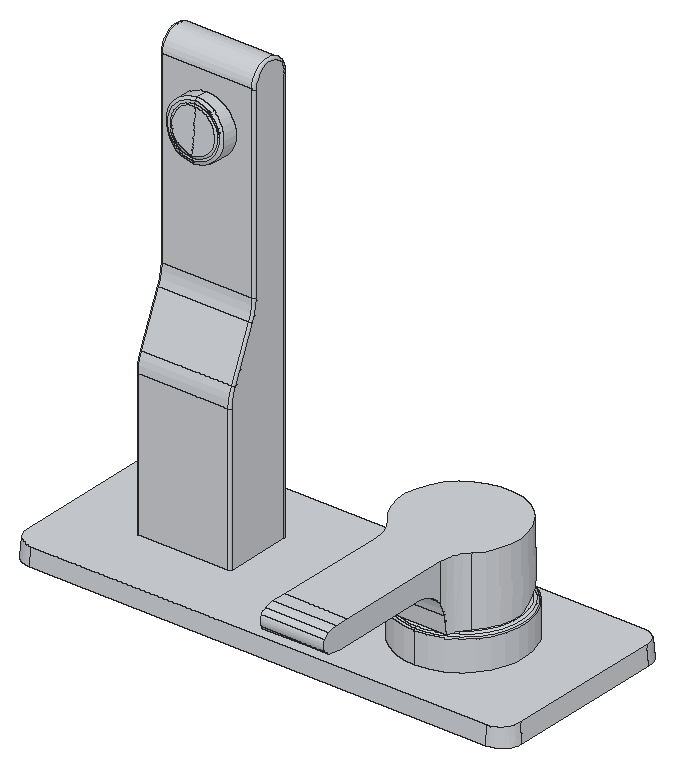
Revit family "Faucet-Lavatory-KOHLER-Singulier-K-5681AR_1", category Plumbing Fixtures, host Face, Revit 2017
Family settings
  Host = Face
  Round Connector Dimension = Use Diameter
  Part Type = Normal
  OmniClass Number = 23.31.11.00
  OmniClass Title = Faucets
  Cut with Voids When Loaded = No
  Shared = No
  Room Calculation Point = No
Parameters (values of type "CP- Polished Chrome")
  Width = 7 7/8"  # constant formula
  WaterSense Certified = 1 = 0  # no
  Waste Water Outlet = "Waste Water Outlet"  # constant formula
  Waste Connection = 1 = 0  # no
  Vent Connection = 1 = 0  # no
  URL = "https://la.kohler.com/es?country=MX"
  Type = 1
  Spout Reach = Length  # 6 7/32"
  Product Page URL = ""
  Product Name = "Singulier\r\n"  # constant formula
  Product Documentation Link = ""
  Pressure = 0.00 psi
  Model = if(Type = 1, "K-5681AR-4ND-CP", "NA")  # "K-5681AR-4ND-CP"
  Material = "Metal Construction"  # constant formula
  Master Format 2014 Name = "Residential Faucets, Supplies, and Trim"  # constant formula
  Master Format 2014 = "22 41 39"  # constant formula
  Manufacturer Address = "KOHLER Co. 444 Highland Dr. Kohler, WI 53044"  # constant formula
  Manufacturer = "KOHLER Co."  # constant formula
  Length = 6 7/32"  # constant formula
  Hot Water Inlet = "Hot Water Inlet"  # constant formula
  Height = 4 249/256"  # constant formula
  Handle Clearance = 3 51/128"  # constant formula
  HW Connection = 1 = 1  # yes
  Flow Rate = 0 GPM
  Finish = Kohler-Metal-CP-Polished_Chrome
  Environmental Product Declaration = ""
  Drain Included = 1 = 0  # no
  Description = "SC WM BASIN MIXER TRIM"  # constant formula
  Default Elevation = 36"
  Declare Label = ""
  Date Modified = "09/15/2020"  # constant formula
  Date Created = "09/15/2020"  # constant formula
  Copyright = "Copyright KOHLER Co."  # constant formula
  Contact Us = "https://la.kohler.com/es/contact-us-page"
  Cold Water Inlet = "Cold Water Inlet"  # constant formula
  CW Connection = 1 = 1  # yes
  Assembly Code = "D2010"
  ADA Compliant = 1 = 0  # no
Reference planes (in)
  plane 1 "Center (Front/Back)": y = 0
  plane 2: z = 0
  plane 3 "Center (Left/Right)": x = 0
  plane 4: x = 3.9375
  plane 5: x = -3.9375
  plane 6: x = -2
  plane 7: x = 2
  plane 8: y = 1.57422
  plane 9: y = -1.57422
  plane 10: z = 6.21875
  plane 11: through (0, -3.40346, 6.4231) normal (0, -0.0663, -0.9978)
  plane 12: z = 2.00184
  plane 13: y = -3.39844
Dimensions and locks (in)
  equal spacing: plane 5, plane 3 "Center (Left/Right)", plane 4
  "Width": plane 5 to plane 4
  equal spacing: plane 9, plane 1 "Center (Front/Back)", plane 8
  equal spacing: plane 6, plane 3 "Center (Left/Right)", plane 7
  locked: plane 6 to plane 7 at 4
  "Length": level to plane 10
  locked: plane 12 to level at 2.00184
  "Handle Clearance": plane 13 to plane 1 "Center (Front/Back)"
  "Height": plane 13 to plane 8
  plane 9 to plane 8 = 3 19/128"
  locked: plane 10 to plane 11 (angle 3.80°)
  aligned and locked: plane 2 to host face
  aligned and locked: level to host face
  aligned and locked: plane 1 "Center (Front/Back)" to nested 1
  aligned and locked: plane 3 "Center (Left/Right)" to nested 1
  aligned and locked: plane 4 to nested 1
  aligned and locked: plane 5 to nested 1
  aligned and locked: plane 6 to nested 1
  aligned and locked: plane 7 to nested 1
  aligned and locked: plane 8 to nested 1
  aligned and locked: plane 9 to nested 1
  aligned and locked: plane 10 to nested 1
  aligned and locked: plane 11 to nested 1
  aligned and locked: plane 12 to nested 1
  aligned and locked: plane 13 to nested 1
Automatic sketch dimensions
  host sketch curve to host sketch curve = 96"  (x2)
Nested families (in)
  nested 1: "K-5681AR" at (0, 0, -0.00172), type "K-5681AR"
Connectors (in)
  piping at (1.37157, 0, -0.00172), diameter 0.5, driven by "Flow Rate", driven by "HW Connection", driven by "Hot Water Inlet"
    settings: on nested 1, index 1, connector inside diameter 24", connector length 0", flow factor 0, pipe flow 0 GPM, pressure drop 0.00 psi, fitting loss kfactor 0, connector angle 0.00°, fixture units 0, engagement length 0", angle of deflection 0.00°, flow configuration 0, flow direction 1, fitting loss method 0, system type 19, joint type 0, gender type 0, connector reference index -1, connector utility 1, adjustable connector no, is connector primary yes, connector description "Hot Water Inlet"
  piping at (2.62843, 0, -0.00172), diameter 0.5, driven by "Flow Rate", driven by "CW Connection", driven by "Cold Water Inlet"
    settings: on nested 1, index 2, connector inside diameter 24", connector length 0", flow factor 0, pipe flow 0 GPM, pressure drop 0.00 psi, fitting loss kfactor 0, connector angle 0.00°, fixture units 0, engagement length 0", angle of deflection 0.00°, flow configuration 0, flow direction 1, fitting loss method 0, system type 20, joint type 0, gender type 0, connector reference index -1, connector utility 1, adjustable connector no, is connector primary no, connector description "Cold Water Inlet"
Definition of nested family "K-5681AR"
  Parameters (values of type "K-5681AR")
    Material = none
  Reference planes (in)
    plane 1 "Center (Front/Back)": y = 0
    plane 2: z = 0
    plane 3 "Center (Left/Right)": x = 0
    plane 4: x = -3.93701
    plane 5: x = 3.93701
    plane 6: y = 1.5748
    plane 7: y = -1.5748
    plane 8 "1": x = -2
    plane 9 "2": x = 2
    plane 10: z = 6.22047
    plane 11: through (0, -0.18836, 6.20955) normal (0, 0.0663, 0.9978)
    plane 12: y = -3.39966
    plane 13: z = 2.00184
  Forms (in)
    SweptBlend 1, solid, material <- "Material", detail levels medium+fine
      path origin (0, 0, 0) x (1, 0, 0) y (0, 0, 1)
        loop
          line (0, 0.35371) -> (0, 0)
      profile origin (0, 0, 0.35371) x (0, -1, 0) y (1, 0, 0)
        loop
          line (-1.55056, 3.61277) -> (-1.55056, -3.61277)
          arc (-1.55056, -3.61277) -> (-1.46422, -3.82121) -> (-1.25578, -3.90755) r 0.29478
          line (-1.25578, -3.90755) -> (1.25578, -3.90755)
          arc (1.25578, -3.90755) -> (1.46422, -3.82121) -> (1.55056, -3.61277) r 0.29478
          line (1.55056, -3.61277) -> (1.55056, 3.61277)
          arc (1.55056, 3.61277) -> (1.46422, 3.82121) -> (1.25578, 3.90755) r 0.29478
          line (1.25578, 3.90755) -> (-1.25578, 3.90755)
          arc (-1.25578, 3.90755) -> (-1.46422, 3.82121) -> (-1.55056, 3.61277) r 0.29478
      end profile origin (0, 0, 0) x (0, -1, 0) y (1, 0, 0)
        loop
          arc (-1.5748, -3.62205) -> (-1.48255, -3.84476) -> (-1.25984, -3.93701) r 0.31496
          line (-1.25984, -3.93701) -> (1.25984, -3.93701)
          arc (1.25984, -3.93701) -> (1.48255, -3.84476) -> (1.5748, -3.62205) r 0.31496
          line (1.5748, -3.62205) -> (1.5748, 3.62205)
          arc (1.5748, 3.62205) -> (1.48255, 3.84476) -> (1.25984, 3.93701) r 0.31496
          line (1.25984, 3.93701) -> (-1.25984, 3.93701)
          arc (-1.25984, 3.93701) -> (-1.48255, 3.84476) -> (-1.5748, 3.62205) r 0.31496
          line (-1.5748, 3.62205) -> (-1.5748, -3.62205)
    Extrusion 2, void
      sketch origin (0, 0, 0) x (0, 1, 0) y (0, 0, 1)
        loop
          line (1.60875, 0.27725) -> (1.60875, 0.37879) -> (-1.61789, 0.37879) -> (-1.61789, 0.27665)
          arc (-1.61789, 0.27665) -> (-0.00458, 0.32989) -> (1.60875, 0.27725) r 24.60613
      from -4.33071 to 4.33071
    Extrusion 3, solid, material <- "Material", detail levels medium+fine
      sketch origin (-2, 0, 0) x (0, 1, 0) y (0, 0, 1)
        loop
          line (0.55118, 0.29857) -> (0.55118, 6.94438)
          arc (0.55118, 6.94438) -> (0.23622, 7.25934) -> (-0.07874, 6.94438) r 0.31496
          line (-0.07874, 6.94438) -> (-0.07874, 3.98205)
          arc (-0.07874, 3.98205) -> (-0.09548, 3.8243) -> (-0.14495, 3.67358) r 0.7517
          line (-0.14495, 3.67358) -> (-0.48599, 2.91571)
          arc (-0.48599, 2.91571) -> (-0.5347, 2.7673) -> (-0.55118, 2.61198) r 0.74016
          line (-0.55118, 2.61198) -> (-0.55118, 0.29857) -> (0.55118, 0.29857)
      from -0.74803 to 0.74803
    Sweep 4, void
      path in 3D
        loop
          line (-2.74803, -0.55118, 0.29857) -> (-2.74803, -0.55118, 2.61198)
          arc (-2.74803, -0.55118, 2.61198) -> (-2.74803, -0.5347, 2.7673) -> (-2.74803, -0.48599, 2.91571) r 0.74016
          line (-2.74803, -0.48599, 2.91571) -> (-2.74803, -0.14495, 3.67358)
          arc (-2.74803, -0.14495, 3.67358) -> (-2.74803, -0.09548, 3.8243) -> (-2.74803, -0.07874, 3.98205) r 0.7517
          line (-2.74803, -0.07874, 3.98205) -> (-2.74803, -0.07874, 6.94438)
          arc (-2.74803, -0.07874, 6.94438) -> (-2.74803, 0.23622, 7.25934) -> (-2.74803, 0.55118, 6.94438) r 0.31496
          line (-2.74803, 0.55118, 6.94438) -> (-2.74803, 0.55118, 0.29857)
      profile origin (-2.74803, 0.55118, 3.62147) x (-1, 0, 0) y (0, -1, 0)
        loop
          arc (0, 0.03937) -> (-0.01153, 0.01153) -> (-0.03937, 0) r 0.03937
          line (-0.03937, 0) -> (0, 0) -> (0, 0.03937)
    Sweep 5, void
      path in 3D
        loop
          line (-1.25197, -0.55118, 0.29857) -> (-1.25197, -0.55118, 2.61198)
          arc (-1.25197, -0.55118, 2.61198) -> (-1.25197, -0.5347, 2.7673) -> (-1.25197, -0.48599, 2.91571) r 0.74016
          line (-1.25197, -0.48599, 2.91571) -> (-1.25197, -0.14495, 3.67358)
          arc (-1.25197, -0.14495, 3.67358) -> (-1.25197, -0.09548, 3.8243) -> (-1.25197, -0.07874, 3.98205) r 0.7517
          line (-1.25197, -0.07874, 3.98205) -> (-1.25197, -0.07874, 6.94438)
          arc (-1.25197, -0.07874, 6.94438) -> (-1.25197, 0.23622, 7.25934) -> (-1.25197, 0.55118, 6.94438) r 0.31496
          line (-1.25197, 0.55118, 6.94438) -> (-1.25197, 0.55118, 0.29857)
      profile origin (-1.25197, 0.55118, 3.62147) x (1, 0, 0) y (0, 1, 0)
        loop
          line (0, -0.03937) -> (0, 0) -> (-0.03937, 0)
          arc (-0.03937, 0) -> (-0.01153, -0.01153) -> (0, -0.03937) r 0.03937
    Revolve 6, solid, material <- "Material", detail levels medium+fine
      sketch origin (-2, 0, 0) x (0, 1, 0) y (0, 0, 1)
        loop
          line (-0.3528, 6.2205) -> (0.01231, 6.19622) -> (0.04266, 6.65324) -> (-0.28574, 6.67505) -> (-0.31571, 6.63029) -> (-0.31837, 6.59031)
          arc (-0.31837, 6.59031) -> (-0.32659, 6.57673) -> (-0.33014, 6.56126) r 0.05003
          line (-0.33014, 6.56126) -> (-0.3528, 6.2205)
        axis (-0.3528, 6.22047) -> (0.01231, 6.19622)
      angle from 0 to 360
    Revolve 7, solid, material <- "Material", detail levels medium+fine
      sketch origin (2, 0, 0) x (0, 1, 0) y (0, 0, 1)
        loop
          arc (0.96456, 0.79413) -> (0.95912, 0.80821) -> (0.94563, 0.81496) r 0.02093
          arc (0.94563, 0.81496) -> (0.93488, 0.82645) -> (0.92069, 0.83325) r 0.04264
          line (0.92069, 0.83325) -> (0.86598, 0.84791)
          arc (0.86598, 0.84791) -> (0.84043, 0.85986) -> (0.82055, 0.87987) r 0.08072
          arc (0.82055, 0.87987) -> (0.81039, 0.90006) -> (0.80623, 0.92227) r 0.08072
          arc (0.80623, 0.92227) -> (0.77371, 1.13378) -> (0.69669, 1.33344) r 0.99447
          line (0.69669, 1.33344) -> (0, 1.33344) -> (0, 0.23311) -> (0.96456, 0.23311) -> (0.96456, 0.79413)
        axis (0, 1.33344) -> (0, 0.23311)
      angle from 0 to 360
    SweptBlend 8, solid, material <- "Material", detail levels medium+fine
      path origin (0, 0, 0) x (0, 1, 0) y (0, 0, 1)
        loop
          line (0, 0.92913) -> (0, 2.03329)
      profile origin (0, 0, 0.92913) x (0, -1, 0) y (1, 0, 0)
        loop
          line (3.52227, 1.49182) -> (3.52227, 2.51216) -> (1.11245, 2.51216)
          arc (1.11245, 2.51216) -> (0.87958, 2.55634) -> (0.67907, 2.68274) r 0.63585
          arc (0.67907, 2.68274) -> (-0.88796, 1.99984) -> (0.68054, 1.32032) r 0.93188
          arc (0.68054, 1.32032) -> (0.8814, 1.44739) -> (1.11489, 1.49182) r 0.6358
          line (1.11489, 1.49182) -> (3.52227, 1.49182)
      end profile origin (0, 0, 2.03329) x (0, -1, 0) y (1, 0, 0)
        loop
          line (3.45324, 1.50192) -> (3.45324, 2.50202) -> (1.09125, 2.50202)
          arc (1.09125, 2.50202) -> (0.863, 2.54532) -> (0.66647, 2.6692) r 0.62323
          arc (0.66647, 2.6692) -> (-0.86947, 1.99986) -> (0.66791, 1.33383) r 0.91339
          arc (0.66791, 1.33383) -> (0.86478, 1.45838) -> (1.09364, 1.50192) r 0.62318
          line (1.09364, 1.50192) -> (3.45324, 1.50192)
    Extrusion 9, void
      sketch origin (0, 0, 0) x (0, 1, 0) y (0, 0, 1)
        loop
          line (-1.51225, 1.63478) -> (-2.91444, 1.63478)
          arc (-2.91444, 1.63478) -> (-3.00117, 1.63626) -> (-3.08792, 1.63682) r 8.14383
          arc (-3.08792, 1.63682) -> (-3.16099, 1.64029) -> (-3.23344, 1.65051) r 0.78974
          arc (-3.23344, 1.65051) -> (-3.2809, 1.66345) -> (-3.32571, 1.68376) r 0.309
          arc (-3.32571, 1.68376) -> (-3.35596, 1.70655) -> (-3.3787, 1.73683) r 0.13526
          arc (-3.3787, 1.73683) -> (-3.39966, 1.81832) -> (-3.37865, 1.89979) r 0.1687
          arc (-3.37865, 1.89979) -> (-3.34458, 1.94121) -> (-3.29787, 1.96758) r 0.14647
          arc (-3.29787, 1.96758) -> (-3.22336, 1.98733) -> (-3.1468, 1.99638) r 0.54512
          arc (-3.1468, 1.99638) -> (-3.03065, 2.00046) -> (-2.91444, 2.00183) r 4.96152
          line (-2.91444, 2.00183) -> (1.2791, 2.00185) -> (1.2791, 2.1987) -> (-3.64216, 2.1987) -> (-3.64216, 0.88912) -> (-0.97793, 0.88912)
          arc (-0.97793, 0.88912) -> (-0.99347, 1.0514) -> (-1.01974, 1.21229) r 2.45481
          arc (-1.01974, 1.21229) -> (-1.06849, 1.35384) -> (-1.15364, 1.47698) r 0.54947
          arc (-1.15364, 1.47698) -> (-1.31635, 1.59359) -> (-1.51225, 1.63478) r 0.48636
      from 0.73071 to 4.05314
    Extrusion 10, void
      sketch origin (0, 0, 0) x (0, 1, 0) y (0, 0, 1)
        loop
          line (0.98425, 1.38507) -> (-0.085, 0.90901) -> (0.98425, 0.90901) -> (0.98425, 1.38507)
      from 0 to 9.84252
    Revolve 11, solid, material <- "Material", detail levels medium+fine
      sketch origin (2, 0, 0) x (0, 1, 0) y (0, 0, 1)
        loop
          line (0.85819, 1.79379) -> (0.85819, 1.63403) -> (0.94641, 1.63403)
          arc (0.94641, 1.63403) -> (0.92298, 1.72533) -> (0.85819, 1.79379) r 0.18801
        axis (0.94641, 1.63403) -> (0.85819, 1.63403)
      angle from 0 to 360
    Extrusion 12, solid, material <- "Material", detail levels coarse
      sketch origin (0, 0, 0) x (1, 0, 0) y (0, 1, 0)
        loop
          line (-3.93701, 1.5748) -> (-3.93701, -1.5748) -> (3.93701, -1.5748) -> (3.93701, 1.5748) -> (-3.93701, 1.5748)
      from 0 to 0.33506
    Extrusion 13, solid, material <- "Material", detail levels coarse
      sketch origin (2, 0, 0) x (0, 1, 0) y (0, 0, -1)
        loop
          line (0.55118, -0.22441) -> (-0.55118, -0.22441) -> (-0.55118, -2.76994) -> (-0.07874, -3.82566) -> (-0.07874, -7.28248) -> (0.55118, -7.28248) -> (0.55118, -0.22441)
      from 3.25197 to 4.74803
    Revolve 14, solid, material <- "Material", detail levels coarse
      sketch origin (-2, 0, 0) x (0, 1, 0) y (0, 0, 1)
        loop
          line (-0.37474, 6.22193) -> (-0.03041, 6.19906) -> (-0.00006, 6.65608) -> (-0.34439, 6.67895) -> (-0.37474, 6.22193)
        axis (-0.37474, 6.22193) -> (-0.03041, 6.19906)
      angle from 0 to 360
    Extrusion 15, solid, material <- "Material", detail levels coarse
      sketch origin (0, 0, 0) x (1, 0, 0) y (0, 1, 0)
        loop
          circle (2, -0.02207) r 0.98425
      from 0.33506 to 2.00184
    Extrusion 16, solid, material <- "Material", detail levels coarse
      sketch origin (-2, 0, 0) x (0, 1, 0) y (0, 0, 1)
        loop
          line (-0.75516, 2.00184) -> (-3.40346, 2.00184) -> (-3.40346, 1.63478) -> (-0.75516, 1.63478) -> (-0.75516, 2.00184)
      from 3.50163 to 4.50231
    Extrusion 17, solid, material <- "Material", detail levels medium+fine
      sketch origin (0, 0, 0) x (1, 0, 0) y (0, 1, 0)
        loop
          circle (1.37157, 0) r 0.09843
        loop
          circle (2.62843, 0) r 0.09843
      from 0 to 0.19685
  Cuts and joins
    Extrusion 2 cuts SweptBlend 1
    Sweep 4, Sweep 5 cuts Extrusion 3
    Extrusion 9, Extrusion 10 cuts SweptBlend 8
    joined: SweptBlend 1, Extrusion 3, Revolve 6, Revolve 7, SweptBlend 8, Revolve 11
    joined: Extrusion 12, Extrusion 13, Revolve 14, Extrusion 15, Extrusion 16
  Lines and regions (in)
    Masking region 1
      outline origin (0, 0, 0) x (1, 0, 0) y (0, 1, 0)
        loop
          line (-3.93701, 1.25984) -> (-3.93701, -1.25984)
          arc (-3.93701, -1.25984) -> (-3.84476, -1.48255) -> (-3.62205, -1.5748) r 0.31496
          line (-3.62205, -1.5748) -> (0, -1.5748) -> (1.49827, -1.5748) -> (1.49827, -2.91444) -> (1.49827, -3.36029)
          arc (1.49827, -3.36029) -> (1.5098, -3.38813) -> (1.53764, -3.39966) r 0.03937
          line (1.53764, -3.39966) -> (2.46631, -3.39966)
          arc (2.46631, -3.39966) -> (2.49415, -3.38813) -> (2.50568, -3.36029) r 0.03937
          line (2.50568, -3.36029) -> (2.50568, -2.91444) -> (2.50568, -1.5748) -> (3.62205, -1.5748)
          arc (3.62205, -1.5748) -> (3.84476, -1.48255) -> (3.93701, -1.25984) r 0.31496
          line (3.93701, -1.25984) -> (3.93701, 1.25984)
          arc (3.93701, 1.25984) -> (3.84476, 1.48255) -> (3.62205, 1.5748) r 0.31496
          line (3.62205, 1.5748) -> (0, 1.5748) -> (-3.62205, 1.5748)
          arc (-3.62205, 1.5748) -> (-3.84476, 1.48255) -> (-3.93701, 1.25984) r 0.31496
    Masking region 2
      outline origin (0, 0, 0) x (1, 0, 0) y (0, 0, 1)
        loop
          line (0, 0) -> (3.93696, 0) -> (3.91193, 0.30101)
          arc (3.91193, 0.30101) -> (3.90187, 0.32157) -> (3.88054, 0.32989) r 0.0315
          line (3.88054, 0.32989) -> (2.96456, 0.32989) -> (2.96456, 0.79413)
          arc (2.96456, 0.79413) -> (2.95883, 0.80852) -> (2.94478, 0.81502) r 0.02093
          arc (2.94478, 0.81502) -> (2.93404, 0.82647) -> (2.91989, 0.83325) r 0.04264
          line (2.91989, 0.83325) -> (2.86517, 0.84791)
          arc (2.86517, 0.84791) -> (2.83962, 0.85986) -> (2.81974, 0.87987) r 0.08072
          arc (2.81974, 0.87987) -> (2.80856, 0.90333) -> (2.80541, 0.92913) r 0.08072
          line (2.80541, 0.92913) -> (2.93272, 0.92913) -> (2.9154, 1.96313)
          arc (2.9154, 1.96313) -> (2.90364, 1.99054) -> (2.87604, 2.00184) r 0.03937
          line (2.87604, 2.00184) -> (2.00084, 2.00184) -> (1.12565, 2.00184)
          arc (1.12565, 2.00184) -> (1.09804, 1.99054) -> (1.08628, 1.96313) r 0.03937
          line (1.08628, 1.96313) -> (1.06896, 0.92913) -> (1.19459, 0.92913)
          arc (1.19459, 0.92913) -> (1.19144, 0.90333) -> (1.18026, 0.87987) r 0.08072
          arc (1.18026, 0.87987) -> (1.16038, 0.85986) -> (1.13483, 0.84791) r 0.08072
          line (1.13483, 0.84791) -> (1.08011, 0.83325)
          arc (1.08011, 0.83325) -> (1.06596, 0.82647) -> (1.05522, 0.81502) r 0.04264
          arc (1.05522, 0.81502) -> (1.04117, 0.80852) -> (1.03544, 0.79413) r 0.02093
          line (1.03544, 0.79413) -> (1.03544, 0.32989) -> (-1.25197, 0.32989) -> (-1.25197, 7.21997)
          arc (-1.25197, 7.21997) -> (-1.2635, 7.24781) -> (-1.29134, 7.25934) r 0.03937
          line (-1.29134, 7.25934) -> (-2.70866, 7.25934)
          arc (-2.70866, 7.25934) -> (-2.7365, 7.24781) -> (-2.74803, 7.21997) r 0.03937
          line (-2.74803, 7.21997) -> (-2.74803, 0.32989) -> (-3.88054, 0.32989)
          arc (-3.88054, 0.32989) -> (-3.90187, 0.32157) -> (-3.91193, 0.30101) r 0.0315
          line (-3.91193, 0.30101) -> (-3.93696, 0) -> (0, 0)
    Masking region 3
      outline origin (2, 0, 0) x (0, 1, 0) y (0, 0, 1)
        loop
          arc (-1.52799, 0.28241) -> (-1.54823, 0.27331) -> (-1.55746, 0.25312) r 0.0315
          line (-1.55746, 0.25312) -> (-1.5748, 0) -> (0, 0) -> (1.5748, 0) -> (1.55746, 0.25312)
          arc (1.55746, 0.25312) -> (1.54823, 0.27331) -> (1.52799, 0.28241) r 0.0315
          arc (1.52799, 0.28241) -> (1.24636, 0.29831) -> (0.96456, 0.31098) r 24.60613
          line (0.96456, 0.31098) -> (0.96456, 0.79413)
          arc (0.96456, 0.79413) -> (0.95912, 0.80821) -> (0.94563, 0.81496) r 0.02093
          arc (0.94563, 0.81496) -> (0.93488, 0.82645) -> (0.92069, 0.83325) r 0.04264
          line (0.92069, 0.83325) -> (0.86598, 0.84791)
          arc (0.86598, 0.84791) -> (0.84043, 0.85986) -> (0.82055, 0.87987) r 0.08072
          arc (0.82055, 0.87987) -> (0.81039, 0.90006) -> (0.80623, 0.92227) r 0.08072
          arc (0.80623, 0.92227) -> (0.7821, 1.0999) -> (0.72648, 1.27031) r 0.99447
          line (0.72648, 1.27031) -> (0.8812, 1.33919) -> (0.87858, 1.48907)
          arc (0.87858, 1.48907) -> (0.94675, 1.63721) -> (0.87366, 1.78298) r 0.18823
          line (0.87366, 1.78298) -> (0.87064, 1.96313)
          arc (0.87064, 1.96313) -> (0.85888, 1.99054) -> (0.83128, 2.00184) r 0.03937
          line (0.83128, 2.00184) -> (0.55118, 2.00184) -> (0.55118, 6.94452)
          arc (0.55118, 6.94452) -> (0.23622, 7.25948) -> (-0.07874, 6.94452) r 0.31496
          line (-0.07874, 6.94452) -> (-0.07874, 6.66144) -> (-0.28574, 6.67505) -> (-0.31571, 6.63029) -> (-0.31847, 6.58872)
          arc (-0.31847, 6.58872) -> (-0.32769, 6.5747) -> (-0.33051, 6.55815) r 0.04095
          line (-0.33051, 6.55815) -> (-0.35294, 6.22048) -> (-0.37537, 5.88281)
          arc (-0.37537, 5.88281) -> (-0.37476, 5.86604) -> (-0.36747, 5.85092) r 0.04095
          line (-0.36747, 5.85092) -> (-0.37023, 5.80935) -> (-0.34645, 5.76101) -> (-0.07874, 5.74305) -> (-0.07874, 3.9771)
          arc (-0.07874, 3.9771) -> (-0.09438, 3.829) -> (-0.1406, 3.68743) r 0.70916
          line (-0.1406, 3.68743) -> (-0.48524, 2.9173)
          arc (-0.48524, 2.9173) -> (-0.53451, 2.76638) -> (-0.55118, 2.6085) r 0.75598
          line (-0.55118, 2.6085) -> (-0.55118, 2.00184) -> (-2.91444, 2.00183)
          arc (-2.91444, 2.00183) -> (-3.03065, 2.00046) -> (-3.1468, 1.99638) r 4.96152
          arc (-3.1468, 1.99638) -> (-3.22336, 1.98733) -> (-3.29787, 1.96758) r 0.54512
          arc (-3.29787, 1.96758) -> (-3.34458, 1.94121) -> (-3.37865, 1.89979) r 0.14647
          arc (-3.37865, 1.89979) -> (-3.39966, 1.81832) -> (-3.3787, 1.73683) r 0.1687
          arc (-3.3787, 1.73683) -> (-3.35596, 1.70655) -> (-3.32571, 1.68376) r 0.13526
          arc (-3.32571, 1.68376) -> (-3.2809, 1.66345) -> (-3.23344, 1.65051) r 0.309
          arc (-3.23344, 1.65051) -> (-3.16099, 1.64029) -> (-3.08792, 1.63682) r 0.78974
          arc (-3.08792, 1.63682) -> (-3.00117, 1.63626) -> (-2.91444, 1.63478) r 8.14383
          line (-2.91444, 1.63478) -> (-1.51225, 1.63478)
          arc (-1.51225, 1.63478) -> (-1.31635, 1.59359) -> (-1.15364, 1.47698) r 0.48636
          arc (-1.15364, 1.47698) -> (-1.06849, 1.35384) -> (-1.01974, 1.21229) r 0.54947
          arc (-1.01974, 1.21229) -> (-0.99612, 1.07128) -> (-0.98075, 0.92913) r 2.45481
          line (-0.98075, 0.92913) -> (-0.80621, 0.92913)
          arc (-0.80621, 0.92913) -> (-0.80936, 0.90333) -> (-0.82055, 0.87987) r 0.08072
          arc (-0.82055, 0.87987) -> (-0.84043, 0.85986) -> (-0.86598, 0.84791) r 0.08072
          line (-0.86598, 0.84791) -> (-0.92069, 0.83325)
          arc (-0.92069, 0.83325) -> (-0.93488, 0.82645) -> (-0.94563, 0.81496) r 0.04264
          arc (-0.94563, 0.81496) -> (-0.95912, 0.80821) -> (-0.96456, 0.79413) r 0.02093
          line (-0.96456, 0.79413) -> (-0.96456, 0.31098)
          arc (-0.96456, 0.31098) -> (-1.24636, 0.29831) -> (-1.52799, 0.28241) r 24.60613
    sketch lines
      curve 1: line (-2.74803, 0.55118, 6.94438) -> (-2.74803, 0.55118, 0.29857)
      curve 2: arc (-2.74803, 0.55118, 6.94438) -> (-2.74803, 0.23622, 7.25934) -> (-2.74803, -0.07874, 6.94438) r 0.31496
      curve 3: line (-2.74803, -0.07874, 3.98205) -> (-2.74803, -0.07874, 6.94438)
      curve 4: arc (-2.74803, -0.07874, 3.98205) -> (-2.74803, -0.09548, 3.8243) -> (-2.74803, -0.14495, 3.67358) r 0.7517
      curve 5: line (-2.74803, -0.48599, 2.91571) -> (-2.74803, -0.14495, 3.67358)
      curve 6: arc (-2.74803, -0.48599, 2.91571) -> (-2.74803, -0.5347, 2.7673) -> (-2.74803, -0.55118, 2.61198) r 0.74016
      curve 7: line (-2.74803, -0.55118, 0.29857) -> (-2.74803, -0.55118, 2.61198)
      curve 8: line (-1.25197, 0.55118, 6.94438) -> (-1.25197, 0.55118, 0.29857)
      curve 9: arc (-1.25197, 0.55118, 6.94438) -> (-1.25197, 0.23622, 7.25934) -> (-1.25197, -0.07874, 6.94438) r 0.31496
      curve 10: line (-1.25197, -0.07874, 3.98205) -> (-1.25197, -0.07874, 6.94438)
      curve 11: arc (-1.25197, -0.07874, 3.98205) -> (-1.25197, -0.09548, 3.8243) -> (-1.25197, -0.14495, 3.67358) r 0.7517
      curve 12: line (-1.25197, -0.48599, 2.91571) -> (-1.25197, -0.14495, 3.67358)
      curve 13: arc (-1.25197, -0.48599, 2.91571) -> (-1.25197, -0.5347, 2.7673) -> (-1.25197, -0.55118, 2.61198) r 0.74016
      curve 14: line (-1.25197, -0.55118, 0.29857) -> (-1.25197, -0.55118, 2.61198)
    symbolic lines, detail levels medium+fine
      curve 15: spline (-3.91215, -1.25693, 0) -> (-3.91133, -1.0476, 0) -> (-3.91067, -0.83819, 0) -> (-3.91015, -0.62872, 0) -> (-3.90978, -0.4192, 0) -> (-3.90955, -0.20965, 0) -> (-3.90948, -0.00008, 0) -> (-3.90955, 0.20948, 0) -> (-3.90978, 0.41903, 0) -> (-3.91015, 0.62855, 0) -> (-3.91067, 0.83802, 0) -> (-3.91133, 1.04743, 0) -> (-3.91215, 1.25677, 0)
      curve 16: line (-3.61945, 1.55556, 0) -> (3.6195, 1.55556, 0)
      curve 17: spline (3.91215, 1.25711, 0) -> (3.91133, 1.04774, 0) -> (3.91067, 0.8383, 0) -> (3.91015, 0.6288, 0) -> (3.90978, 0.41925, 0) -> (3.90955, 0.20968, 0) -> (3.90948, 0.00008, 0) -> (3.90955, -0.20951, 0) -> (3.90978, -0.41909, 0) -> (3.91015, -0.62864, 0) -> (3.91067, -0.83814, 0) -> (3.91133, -1.04758, 0) -> (3.91215, -1.25694, 0)
      curve 18: spline (3.6195, 1.55556, 0) -> (3.65799, 1.5524, 0) -> (3.69575, 1.54429, 0) -> (3.73214, 1.53137, 0) -> (3.76655, 1.51385, 0) -> (3.79839, 1.49204, 0) -> (3.82714, 1.46629, 0) -> (3.85232, 1.43705, 0) -> (3.87349, 1.40479, 0) -> (3.8903, 1.37007, 0) -> (3.90247, 1.33347, 0) -> (3.90979, 1.29561, 0) -> (3.91215, 1.25711, 0)
      curve 19: spline (-3.91215, 1.25677, 0) -> (-3.90981, 1.29529, 0) -> (-3.90249, 1.3332, 0) -> (-3.89033, 1.36983, 0) -> (-3.87352, 1.40459, 0) -> (-3.85235, 1.43688, 0) -> (-3.82717, 1.46616, 0) -> (-3.79841, 1.49194, 0) -> (-3.76655, 1.51378, 0) -> (-3.73213, 1.53132, 0) -> (-3.69573, 1.54426, 0) -> (-3.65796, 1.55239, 0) -> (-3.61945, 1.55556, 0)
      curve 20: line (3.61945, -1.55556, 0) -> (2.50568, -1.55556, 0)
      curve 21: spline (-3.6195, -1.55556, 0) -> (-3.658, -1.55239, 0) -> (-3.69577, -1.54428, 0) -> (-3.73217, -1.53135, 0) -> (-3.76658, -1.51382, 0) -> (-3.79843, -1.49199, 0) -> (-3.82719, -1.46623, 0) -> (-3.85236, -1.43697, 0) -> (-3.87353, -1.40469, 0) -> (-3.89033, -1.36995, 0) -> (-3.9025, -1.33333, 0) -> (-3.90981, -1.29545, 0) -> (-3.91215, -1.25693, 0)
      curve 22: spline (3.91215, -1.25694, 0) -> (3.90981, -1.29545, 0) -> (3.90249, -1.33333, 0) -> (3.89033, -1.36994, 0) -> (3.87352, -1.40468, 0) -> (3.85235, -1.43695, 0) -> (3.82717, -1.46621, 0) -> (3.79841, -1.49197, 0) -> (3.76655, -1.5138, 0) -> (3.73213, -1.53133, 0) -> (3.69573, -1.54427, 0) -> (3.65796, -1.55239, 0) -> (3.61945, -1.55556, 0)
      curve 23: line (1.49827, -1.55556, 0) -> (-3.6195, -1.55556, 0)
      curve 24: line (-1.29134, 0.55118, 0) -> (-2.70866, 0.55118, 0)
      curve 25: arc (-1.29134, 0.55118, 0) -> (-1.2635, 0.53965, 0) -> (-1.25197, 0.51181, 0) r 0.03937
      curve 26: line (-1.25197, -0.51181, 0) -> (-1.25197, 0.51181, 0)
      curve 27: arc (-1.29134, -0.55118, 0) -> (-1.2635, -0.53965, 0) -> (-1.25197, -0.51181, 0) r 0.03937
      curve 28: line (-2.70866, -0.55118, 0) -> (-1.29134, -0.55118, 0)
      curve 29: arc (-2.74803, -0.51181, 0) -> (-2.7365, -0.53965, 0) -> (-2.70866, -0.55118, 0) r 0.03937
      curve 30: line (-2.74803, 0.51181, 0) -> (-2.74803, -0.51181, 0)
      curve 31: line (-2.70928, -0.07874, 0) -> (-1.29072, -0.07874, 0)
      curve 32: arc (-1.29072, -0.07874, 0) -> (-1.26546, -0.06958, 0) -> (-1.25197, -0.04635, 0) r 0.03937
      curve 33: arc (-2.70928, -0.07874, 0) -> (-2.73454, -0.06958, 0) -> (-2.74803, -0.04635, 0) r 0.03937
      curve 34: arc (-2.70866, 0.55118, 0) -> (-2.7365, 0.53965, 0) -> (-2.74803, 0.51181, 0) r 0.03937
      curve 35: spline (-2.40865, -0.34611, 0) -> (-2.41125, -0.34228, 0) -> (-2.40574, -0.33847, 0) -> (-2.39224, -0.33475, 0) -> (-2.37101, -0.33119, 0) -> (-2.34246, -0.32787, 0) -> (-2.30717, -0.32484, 0) -> (-2.26582, -0.32216, 0) -> (-2.21923, -0.3199, 0) -> (-2.16832, -0.31809, 0) -> (-2.11409, -0.31678, 0) -> (-2.05761, -0.31598, 0) -> (-2, -0.31571, 0)
      curve 36: spline (-2.43716, -0.30704, 0) -> (-2.42031, -0.30403, 0) -> (-2.39877, -0.30116, 0) -> (-2.37279, -0.29846, 0) -> (-2.34265, -0.29595, 0) -> (-2.30869, -0.29367, 0) -> (-2.27128, -0.29164, 0) -> (-2.23085, -0.28988, 0) -> (-2.18785, -0.28841, 0) -> (-2.14275, -0.28725, 0) -> (-2.09606, -0.28642, 0) -> (-2.0483, -0.28591, 0) -> (-2, -0.28574, 0)
      curve 37: line (-2.45799, -0.19831, 0) -> (-2.45799, -0.07874, 0)
      curve 38: line (-2.43716, -0.32979, 0) -> (-2.40865, -0.34611, 0)
      curve 39: arc (-2.40865, -0.34611, 0) -> (-2.40364, -0.34845, 0) -> (-2.39831, -0.34996, 0) r 0.03394
      curve 40: arc (-2.39831, -0.34996, 0) -> (-2.36701, -0.3552, 0) -> (-2.33547, -0.3587, 0) r 0.57503
      curve 41: spline (-2.36864, -0.34592, 0) -> (-2.37122, -0.34246, 0) -> (-2.36645, -0.33901, 0) -> (-2.35441, -0.33563, 0) -> (-2.33535, -0.33241, 0) -> (-2.30965, -0.32939, 0) -> (-2.2778, -0.32665, 0) -> (-2.24046, -0.32422, 0) -> (-2.19835, -0.32217, 0) -> (-2.1523, -0.32053, 0) -> (-2.10324, -0.31934, 0) -> (-2.05214, -0.31861, 0) -> (-2, -0.31837, 0)
      curve 42: arc (-2.33547, -0.3587, 0) -> (-2.35249, -0.35343, 0) -> (-2.36864, -0.34592, 0) r 0.13181
      curve 43: arc (-2.2872, -0.3656, 0) -> (-2.31149, -0.36324, 0) -> (-2.33547, -0.3587, 0) r 0.2692
      curve 44: arc (-2.26524, -0.36727, 0) -> (-2.27621, -0.3663, 0) -> (-2.2872, -0.3656, 0) r 0.44648
      curve 45: arc (-2.11775, -0.37451, 0) -> (-2.19159, -0.37279, 0) -> (-2.26524, -0.36727, 0) r 1.43409
      curve 46: arc (-2, -0.37578, 0) -> (-2.05887, -0.37476, 0) -> (-2.11775, -0.37451, 0) r 4.46191
      curve 47: line (-2.45799, -0.19831, 0) -> (-2.43716, -0.19831, 0)
      curve 48: line (-2.43716, -0.19831, 0) -> (-2.43716, -0.32979, 0)
      curve 49: spline (-1.59135, -0.34611, 0) -> (-1.58875, -0.34228, 0) -> (-1.59426, -0.33847, 0) -> (-1.60776, -0.33475, 0) -> (-1.62899, -0.33119, 0) -> (-1.65754, -0.32787, 0) -> (-1.69283, -0.32484, 0) -> (-1.73418, -0.32216, 0) -> (-1.78077, -0.3199, 0) -> (-1.83168, -0.31809, 0) -> (-1.88591, -0.31678, 0) -> (-1.94239, -0.31598, 0) -> (-2, -0.31571, 0)
      curve 50: spline (-1.56284, -0.30704, 0) -> (-1.57969, -0.30403, 0) -> (-1.60123, -0.30116, 0) -> (-1.62721, -0.29846, 0) -> (-1.65735, -0.29595, 0) -> (-1.69131, -0.29367, 0) -> (-1.72872, -0.29164, 0) -> (-1.76915, -0.28988, 0) -> (-1.81215, -0.28841, 0) -> (-1.85725, -0.28725, 0) -> (-1.90394, -0.28642, 0) -> (-1.9517, -0.28591, 0) -> (-2, -0.28574, 0)
      curve 51: line (-1.54201, -0.19831, 0) -> (-1.54201, -0.07874, 0)
      curve 52: line (-1.56284, -0.32979, 0) -> (-1.59135, -0.34611, 0)
      curve 53: arc (-1.59135, -0.34611, 0) -> (-1.59636, -0.34845, 0) -> (-1.60169, -0.34996, 0) r 0.03394
      curve 54: arc (-1.60169, -0.34996, 0) -> (-1.63299, -0.3552, 0) -> (-1.66453, -0.3587, 0) r 0.57503
      curve 55: spline (-1.63136, -0.34592, 0) -> (-1.62878, -0.34246, 0) -> (-1.63355, -0.33901, 0) -> (-1.64559, -0.33563, 0) -> (-1.66465, -0.33241, 0) -> (-1.69035, -0.32939, 0) -> (-1.7222, -0.32665, 0) -> (-1.75954, -0.32422, 0) -> (-1.80165, -0.32217, 0) -> (-1.8477, -0.32053, 0) -> (-1.89676, -0.31934, 0) -> (-1.94786, -0.31861, 0) -> (-2, -0.31837, 0)
      curve 56: arc (-1.66453, -0.3587, 0) -> (-1.64751, -0.35343, 0) -> (-1.63136, -0.34592, 0) r 0.13181
      curve 57: arc (-1.7128, -0.3656, 0) -> (-1.68851, -0.36324, 0) -> (-1.66453, -0.3587, 0) r 0.2692
      curve 58: arc (-1.73476, -0.36727, 0) -> (-1.72379, -0.3663, 0) -> (-1.7128, -0.3656, 0) r 0.44648
      curve 59: arc (-1.88225, -0.37451, 0) -> (-1.80841, -0.37279, 0) -> (-1.73476, -0.36727, 0) r 1.43409
      curve 60: arc (-2, -0.37578, 0) -> (-1.94113, -0.37476, 0) -> (-1.88225, -0.37451, 0) r 4.46191
      curve 61: line (-1.56284, -0.19831, 0) -> (-1.56284, -0.32979, 0)
      curve 62: line (-1.54201, -0.19831, 0) -> (-1.56284, -0.19831, 0)
      curve 63: line (1.50163, -2.91444, 0) -> (1.50163, -1.09425, 0)
      curve 64: line (1.49827, -1.51223, 0) -> (1.49827, -1.9629, 0)
      curve 65: spline (1.50158, -3.1468, 0) -> (1.50159, -3.12745, 0) -> (1.5016, -3.1081, 0) -> (1.5016, -3.08874, 0) -> (1.50161, -3.06938, 0) -> (1.50161, -3.05002, 0) -> (1.50162, -3.03065, 0) -> (1.50162, -3.01129, 0) -> (1.50163, -2.99192, 0) -> (1.50163, -2.97255, 0) -> (1.50163, -2.95318, 0) -> (1.50163, -2.93381, 0) -> (1.50163, -2.91444, 0)
      curve 66: spline (1.50132, -3.29787, 0) -> (1.50135, -3.28566, 0) -> (1.50139, -3.27335, 0) -> (1.50142, -3.26096, 0) -> (1.50145, -3.2485, 0) -> (1.50148, -3.23596, 0) -> (1.5015, -3.22336, 0) -> (1.50152, -3.2107, 0) -> (1.50154, -3.19799, 0) -> (1.50155, -3.18524, 0) -> (1.50157, -3.17246, 0) -> (1.50157, -3.15964, 0) -> (1.50158, -3.1468, 0)
      curve 67: spline (1.50078, -3.37329, 0) -> (1.50084, -3.36868, 0) -> (1.5009, -3.36371, 0) -> (1.50096, -3.35839, 0) -> (1.50101, -3.35274, 0) -> (1.50106, -3.34678, 0) -> (1.50111, -3.34052, 0) -> (1.50115, -3.33398, 0) -> (1.50119, -3.32719, 0) -> (1.50123, -3.32016, 0) -> (1.50126, -3.31291, 0) -> (1.50129, -3.30548, 0) -> (1.50132, -3.29787, 0)
      curve 68: line (2.50231, -1.09185, 0) -> (2.50231, -2.91444, 0)
      curve 69: spline (2.50568, -1.51198, 0) -> (2.50569, -1.47843, 0) -> (2.50572, -1.44504, 0) -> (2.50578, -1.41197, 0) -> (2.50585, -1.37937, 0) -> (2.50594, -1.34741, 0) -> (2.50606, -1.31624, 0) -> (2.50619, -1.286, 0) -> (2.50635, -1.25684, 0) -> (2.50652, -1.22889, 0) -> (2.5067, -1.2023, 0) -> (2.50691, -1.17718, 0) -> (2.50713, -1.15366, 0)
      curve 70: line (2.50568, -2.91444, 0) -> (2.50568, -1.51198, 0)
      curve 71: spline (2.50231, -2.91444, 0) -> (2.50231, -2.93381, 0) -> (2.50231, -2.95318, 0) -> (2.50231, -2.97255, 0) -> (2.50231, -2.99192, 0) -> (2.50232, -3.01129, 0) -> (2.50232, -3.03065, 0) -> (2.50232, -3.05002, 0) -> (2.50233, -3.06938, 0) -> (2.50233, -3.08874, 0) -> (2.50234, -3.1081, 0) -> (2.50235, -3.12745, 0) -> (2.50236, -3.1468, 0)
      curve 72: spline (2.50566, -3.08792, 0) -> (2.50566, -3.07346, 0) -> (2.50566, -3.059, 0) -> (2.50566, -3.04454, 0) -> (2.50566, -3.03008, 0) -> (2.50566, -3.01563, 0) -> (2.50567, -3.00117, 0) -> (2.50567, -2.98671, 0) -> (2.50567, -2.97226, 0) -> (2.50567, -2.9578, 0) -> (2.50567, -2.94335, 0) -> (2.50568, -2.92889, 0) -> (2.50568, -2.91444, 0)
      curve 73: spline (2.50236, -3.1468, 0) -> (2.50236, -3.15964, 0) -> (2.50237, -3.17246, 0) -> (2.50239, -3.18524, 0) -> (2.5024, -3.19799, 0) -> (2.50242, -3.2107, 0) -> (2.50244, -3.22336, 0) -> (2.50246, -3.23596, 0) -> (2.50249, -3.2485, 0) -> (2.50252, -3.26096, 0) -> (2.50255, -3.27335, 0) -> (2.50258, -3.28566, 0) -> (2.50262, -3.29787, 0)
      curve 74: spline (2.50554, -3.23344, 0) -> (2.50556, -3.22143, 0) -> (2.50557, -3.2094, 0) -> (2.50559, -3.19733, 0) -> (2.5056, -3.18524, 0) -> (2.50562, -3.17313, 0) -> (2.50563, -3.16099, 0) -> (2.50564, -3.14884, 0) -> (2.50565, -3.13667, 0) -> (2.50565, -3.12449, 0) -> (2.50566, -3.11231, 0) -> (2.50566, -3.10011, 0) -> (2.50566, -3.08792, 0)
      curve 75: spline (2.50262, -3.29787, 0) -> (2.50265, -3.30548, 0) -> (2.50268, -3.31292, 0) -> (2.50271, -3.32017, 0) -> (2.50275, -3.3272, 0) -> (2.50279, -3.334, 0) -> (2.50283, -3.34054, 0) -> (2.50288, -3.3468, 0) -> (2.50293, -3.35277, 0) -> (2.50299, -3.35842, 0) -> (2.50304, -3.36374, 0) -> (2.5031, -3.36871, 0) -> (2.50316, -3.37331, 0)
      curve 76: arc (2.66959, -0.66682, 0) -> (2.54563, -0.86347, 0) -> (2.50231, -1.09185, 0) r 0.62359
      curve 77: arc (1.33344, -0.66827, 0) -> (1.99986, 0.86999, 0) -> (2.66959, -0.66682, 0) r 0.91391
      curve 78: arc (1.50163, -1.09425, 0) -> (1.45806, -0.86526, 0) -> (1.33344, -0.66827, 0) r 0.62354
      curve 79: spline (1.49683, -1.15366, 0) -> (1.49705, -1.1772, 0) -> (1.49725, -1.20233, 0) -> (1.49744, -1.22894, 0) -> (1.49761, -1.25691, 0) -> (1.49776, -1.28609, 0) -> (1.4979, -1.31636, 0) -> (1.49801, -1.34755, 0) -> (1.49811, -1.37953, 0) -> (1.49818, -1.41215, 0) -> (1.49823, -1.44524, 0) -> (1.49826, -1.47866, 0) -> (1.49827, -1.51223, 0)
      curve 80: spline (1.49628, -1.10552, 0) -> (1.49632, -1.1092, 0) -> (1.49637, -1.11294, 0) -> (1.49642, -1.11674, 0) -> (1.49647, -1.12061, 0) -> (1.49651, -1.12453, 0) -> (1.49656, -1.12852, 0) -> (1.49661, -1.13256, 0) -> (1.49665, -1.13667, 0) -> (1.4967, -1.14083, 0) -> (1.49674, -1.14505, 0) -> (1.49679, -1.14933, 0) -> (1.49683, -1.15366, 0)
      curve 81: spline (1.48802, -1.01974, 0) -> (1.48894, -1.02364, 0) -> (1.48982, -1.02815, 0) -> (1.49066, -1.03328, 0) -> (1.49147, -1.039, 0) -> (1.49222, -1.04532, 0) -> (1.49294, -1.05223, 0) -> (1.49361, -1.05971, 0) -> (1.49424, -1.06777, 0) -> (1.49482, -1.07639, 0) -> (1.49535, -1.08556, 0) -> (1.49584, -1.09527, 0) -> (1.49628, -1.10552, 0)
      curve 82: spline (1.47751, -0.98075, 0) -> (1.47827, -0.98274, 0) -> (1.47906, -0.98496, 0) -> (1.47987, -0.9874, 0) -> (1.4807, -0.99008, 0) -> (1.48154, -0.99299, 0) -> (1.48241, -0.99612, 0) -> (1.4833, -0.99949, 0) -> (1.4842, -1.00308, 0) -> (1.48513, -1.0069, 0) -> (1.48607, -1.01095, 0) -> (1.48703, -1.01523, 0) -> (1.48802, -1.01974, 0)
      curve 83: arc (1.47751, -0.98075, 0) -> (1.41928, -0.81998, 0) -> (1.32032, -0.68054, 0) r 0.6358
      curve 84: arc (1.32032, -0.68054, 0) -> (1.13333, -0.38423, 0) -> (1.06897, -0.03981, 0) r 0.93188
      curve 85: arc (2.93271, -0.03981, 0) -> (2.86873, -0.38329, 0) -> (2.68274, -0.67907, 0) r 0.93188
      curve 86: arc (2.68274, -0.67907, 0) -> (2.58381, -0.81924, 0) -> (2.52595, -0.98075, 0) r 0.63585
      curve 87: spline (2.51561, -1.01974, 0) -> (2.51657, -1.01523, 0) -> (2.51752, -1.01095, 0) -> (2.51844, -1.0069, 0) -> (2.51935, -1.00308, 0) -> (2.52024, -0.99949, 0) -> (2.52111, -0.99612, 0) -> (2.52196, -0.99299, 0) -> (2.5228, -0.99008, 0) -> (2.52362, -0.9874, 0) -> (2.52441, -0.98496, 0) -> (2.52519, -0.98274, 0) -> (2.52595, -0.98075, 0)
      curve 88: spline (2.50772, -1.10316, 0) -> (2.50812, -1.09322, 0) -> (2.50857, -1.0838, 0) -> (2.50907, -1.0749, 0) -> (2.50962, -1.06653, 0) -> (2.51021, -1.0587, 0) -> (2.51085, -1.05142, 0) -> (2.51153, -1.04471, 0) -> (2.51226, -1.03855, 0) -> (2.51304, -1.03298, 0) -> (2.51385, -1.02798, 0) -> (2.51471, -1.02356, 0) -> (2.51561, -1.01974, 0)
      curve 89: spline (2.50713, -1.15366, 0) -> (2.50718, -1.14909, 0) -> (2.50722, -1.14459, 0) -> (2.50727, -1.14015, 0) -> (2.50732, -1.13578, 0) -> (2.50737, -1.13147, 0) -> (2.50741, -1.12722, 0) -> (2.50746, -1.12304, 0) -> (2.50751, -1.11893, 0) -> (2.50756, -1.11488, 0) -> (2.50762, -1.11091, 0) -> (2.50767, -1.107, 0) -> (2.50772, -1.10316, 0)
      curve 90: arc (1.33767, -0.70121, 0) -> (1.10369, 0.35638, 0) -> (2, 0.96456, 0) r 0.96456
      curve 91: arc (2.67188, -0.69207, 0) -> (2.89385, 0.36252, 0) -> (2, 0.96456, 0) r 0.96456
      curve 92: arc (1.84315, 0.86247, 0) -> (1.91084, 0.92452, 0) -> (2, 0.94647, 0) r 0.1854
      curve 93: arc (1.84315, 0.86247, 0) -> (1.92135, 0.87126, 0) -> (2, 0.87366, 0) r 0.96616
      curve 94: arc (2.15685, 0.86247, 0) -> (2.08916, 0.92452, 0) -> (2, 0.94647, 0) r 0.1854
      curve 95: arc (2.15685, 0.86247, 0) -> (2.07865, 0.87126, 0) -> (2, 0.87366, 0) r 0.96616
      curve 96: arc (1.06897, -0.03981, 0) -> (1.29187, 0.55906, 0) -> (1.84934, 0.87137, 0) r 0.92693
      curve 97: arc (2.15276, 0.86847, 0) -> (2.70983, 0.55782, 0) -> (2.93271, -0.03981, 0) r 0.92359
      curve 98: arc (1.31385, 0, 0) -> (1.37291, -0.05906, 0) -> (1.43196, 0, 0) r 0.05906
      curve 99: arc (1.43196, 0, 0) -> (1.37291, 0.05906, 0) -> (1.31385, 0, 0) r 0.05906
      curve 100: arc (2.56804, 0, 0) -> (2.62709, -0.05906, 0) -> (2.68615, 0, 0) r 0.05906
      curve 101: arc (2.68615, 0, 0) -> (2.62709, 0.05906, 0) -> (2.56804, 0, 0) r 0.05906
      curve 102: line (-3.61937, 0, 0.28068) -> (3.61504, 0, 0.28068)
      curve 103: spline (-3.91215, 0, 0.2978) -> (-3.90987, 0, 0.29559) -> (-3.9026, 0, 0.29342) -> (-3.89047, 0, 0.29132) -> (-3.87368, 0, 0.28933) -> (-3.85251, 0, 0.28748) -> (-3.82732, 0, 0.2858) -> (-3.79854, 0, 0.28432) -> (-3.76666, 0, 0.28307) -> (-3.7322, 0, 0.28207) -> (-3.69575, 0, 0.28132) -> (-3.65793, 0, 0.28086) -> (-3.61937, 0, 0.28068)
      curve 104: spline (3.61504, 0, 0.28068) -> (3.654, 0, 0.28105) -> (3.69227, 0, 0.28168) -> (3.72921, 0, 0.28255) -> (3.76417, 0, 0.28365) -> (3.79655, 0, 0.28497) -> (3.8258, 0, 0.28647) -> (3.85142, 0, 0.28813) -> (3.87296, 0, 0.28992) -> (3.89006, 0, 0.29182) -> (3.90242, 0, 0.29379) -> (3.90982, 0, 0.29579) -> (3.91215, 0, 0.2978)
      curve 105: line (2.93271, 0, 0.92913) -> (1.06897, 0, 0.92913)
      curve 106: line (2, 0, 1.78298) -> (2, 0, 1.48904)
      curve 107: line (2, 0, 1.48904) -> (2, 0, 1.78298)
      curve 108: line (2.94482, 0, 0.81496) -> (1.05518, 0, 0.81496)
      curve 109: line (2.86517, 0, 0.84791) -> (1.13483, 0, 0.84791)
      curve 110: line (2.91989, 0, 0.83325) -> (1.08011, 0, 0.83325)
      curve 111: line (2.80553, 0, 0.92732) -> (1.9983, 0, 0.92732)
      curve 112: line (1.19448, 0, 0.92732) -> (1.9983, 0, 0.92732)
      curve 113: spline (1.19459, 0, 0.92913) -> (1.22204, 0, 1.01702) -> (1.3025, 0, 1.09892) -> (1.43049, 0, 1.16925) -> (1.5973, 0, 1.22321) -> (1.79154, 0, 1.25714) -> (2, 0, 1.26871) -> (2.20846, 0, 1.25714) -> (2.4027, 0, 1.22321) -> (2.56951, 0, 1.16925) -> (2.6975, 0, 1.09892) -> (2.77796, 0, 1.01702) -> (2.80541, 0, 0.92913)
      curve 114: line (-1.25197, 0, 0.32457) -> (-1.25197, 0, 0.36127)
      curve 115: line (-1.25197, 0, 0.32457) -> (-2, 0, 0.32457)
      curve 116: line (-2.74803, 0, 0.32457) -> (-2.74803, 0, 0.36127)
      curve 117: line (-2.74803, 0, 0.32457) -> (-2, 0, 0.32457)
      curve 118: line (3.61504, 0, 0.28068) -> (3.61504, 0, 0)
      curve 119: line (-3.61504, 0, 0.28068) -> (-3.61504, 0, 0)
      curve 120: line (2.91372, 0, 1.96313) -> (1.08628, 0, 1.96313)
      curve 121: line (-2.74803, 0.25121, 0) -> (-1.25197, 0.25121, 0)
      curve 122: arc (1.03544, 0, 0.32989) -> (2, 0, 0.31098) -> (2.96456, 0, 0.32989) r 24.60635
      curve 123: line (2, -0.07874, 6.66144) -> (2, -0.07874, 5.74309)
      curve 124: line (2, -0.28574, 6.67505) -> (2, -0.30433, 6.39527)
      curve 125: line (2, -0.31571, 6.63029) -> (2, -0.37023, 5.80935)
      curve 126: line (2, 0.8744, 1.33617) -> (2, 0.55118, 1.19226)
      curve 127: line (2, 0.94563, 0.81496) -> (2, 0.55118, 0.81496)
      curve 128: arc (2, -1.13261, 0.30381) -> (2, 0.06198, 0.32982) -> (2, 1.25642, 0.2978) r 24.60613
      curve 129: line (2, -0.55118, 0.92913) -> (2, -0.98075, 0.92913)
      curve 130: line (2, -0.94563, 0.81496) -> (2, -0.55118, 0.81496)
      curve 131: line (2, 0.55118, 2.00184) -> (2, 0.55118, 0.32372)
      curve 132: line (2, -0.55118, 2.00184) -> (2, -0.55118, 0.32372)
      curve 133: arc (2, 1.55746, 0.25312) -> (2, 0, 0.30425) -> (2, -1.55746, 0.25312) r 23.74949
      curve 134: line (2, 1.25642, 0.2978) -> (2, 1.25642, 0)
      curve 135: line (2, -1.25643, 0.2978) -> (2, -1.25643, 0)
      curve 136: arc (2, 0.87366, 1.78298) -> (2, 0.85942, 1.63583) -> (2, 0.87878, 1.48926) r 0.65033
      curve 137: line (2, 0.87064, 1.96313) -> (2, 0.55118, 1.96313)
      curve 138: arc (2, -3.28767, 1.93778) -> (2, -3.22977, 1.95389) -> (2, -3.17039, 1.96313) r 0.51363
      curve 139: arc (2, -3.35108, 1.88457) -> (2, -3.32433, 1.91708) -> (2, -3.28767, 1.93778) r 0.11497
      curve 140: arc (2, -3.35112, 1.75204) -> (2, -3.36816, 1.81831) -> (2, -3.35108, 1.88457) r 0.13721
      curve 141: arc (2, -3.31046, 1.71132) -> (2, -3.33367, 1.72881) -> (2, -3.35112, 1.75204) r 0.10377
      curve 142: arc (2, -3.2276, 1.68146) -> (2, -3.27022, 1.69308) -> (2, -3.31046, 1.71132) r 0.2775
      curve 143: arc (2, -3.08788, 1.66832) -> (2, -3.15804, 1.67165) -> (2, -3.2276, 1.68146) r 0.75825
      curve 144: arc (2, -2.91408, 1.66627) -> (2, -3.00098, 1.66776) -> (2, -3.08788, 1.66832) r 8.17533
      curve 145: line (2, -1.51225, 1.66628) -> (2, -2.91408, 1.66627)
      curve 146: arc (2, -1.13042, 1.49825) -> (2, -1.30367, 1.62242) -> (2, -1.51225, 1.66628) r 0.51785
      curve 147: arc (2, -0.98884, 1.2184) -> (2, -1.04039, 1.36806) -> (2, -1.13042, 1.49825) r 0.58097
      curve 148: arc (2, -0.94916, 0.92913) -> (2, -0.96475, 1.07435) -> (2, -0.98884, 1.2184) r 2.4863
      curve 149: line (2, -0.55118, 1.96313) -> (2, -3.17039, 1.96313)
      curve 150: line (2, -0.92069, 0.83325) -> (2, -0.55118, 0.83325)
      curve 151: line (2, -0.86598, 0.84791) -> (2, -0.55118, 0.84791)
      curve 152: line (2, -0.80638, 0.91974) -> (2, -0.55118, 0.91974)
      curve 153: line (2, 0.92069, 0.83325) -> (2, 0.55118, 0.83325)
      curve 154: line (2, 0.86598, 0.84791) -> (2, 0.55118, 0.84791)
      curve 155: line (2, 0.80638, 0.91974) -> (2, 0.55118, 0.91974)
      curve 156: line (2, -0.30433, 6.39527) -> (2, -0.18972, 6.38765)
      curve 157: arc (2, -0.18972, 6.38765) -> (2, -0.18481, 6.29865) -> (2, -0.18972, 6.20964) r 0.80903
      curve 158: line (2, -0.32787, 6.0408) -> (2, -0.21326, 6.03319)
      curve 159: arc (2, -0.21326, 6.03319) -> (2, -0.19662, 6.12077) -> (2, -0.18972, 6.20964) r 0.80903
      curve 160: arc (2, -0.30433, 6.39527) -> (2, -0.32493, 6.21862) -> (2, -0.32787, 6.0408) r 1.78592
      curve 161: line (2, -0.32787, 6.0408) -> (2, -0.34645, 5.76101)
      curve 162: line (2, 0.96456, 0.31098) -> (2, 0.55118, 0.3272)
      curve 163: line (2, -0.96456, 0.31098) -> (2, -0.55118, 0.3272)
      curve 164: line (2, -0.8117, 2.00184) -> (2, -0.8117, 0.92913)
  Dimensions and locks (in)
    plane 4 to plane 5 = 7.87402"
    plane 6 to plane 7 = 3.14961"
    plane 8 "1" to plane 9 "2" = 4"
    plane 10 to level = 6.22047"
    angle plane 10 to plane 11 = 3.80°
    aligned and locked: plane 2 to level
